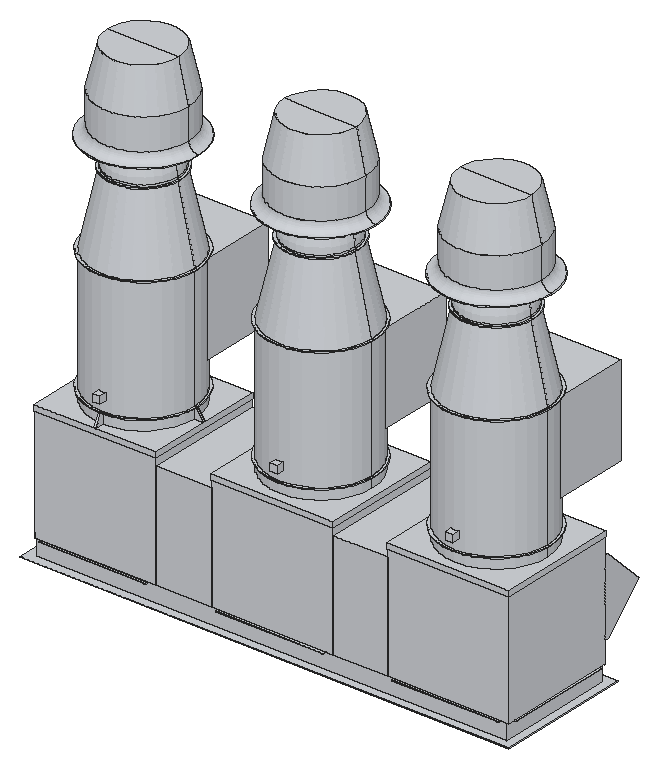
Revit family "QMXVP_with_1X3", category Mechanical Equipment, Revit 2019 (continued)
Types (225): name | UNIT_RADIUS+4" | UNIT_RADIUS*.6 | UNIT_RADIUS | UNIT_RAD+((A/2)+.25")+4" | UNIT_RAD+((A/2)+.25") | UNIT_OD | UNIT_HEIGHT*.75 | UNIT_HEIGHT | TYPE | TRIP_G | TRIP_F | TRIPLE_F+1" | TRANSITION_TOP | RO2/2 | RO/2 | RO | NOZZLE_WB_RAD-2" | NOZZLE_WB_RAD | NOZZLE_WB/4 | NOZZLE_TOP_RAD | NOZZLE_TOP_OD | NOZZLE_SIZE | NOZZLE_HEIGHT/7*2 | NOZZLE_HEIGHT | NOZZLE_BOTTOM_RAD | NOZZLE_WB_OD | NOZZLE_BOTTOM_ID | MB_HT/2 | MB_HT-2.75" | MB_HT+.25" | MB_HT | MB_A | LONG_RO | GA | E | DUAL_G | DUAL_F+1" | DUAL_F | C/2 | C | B/2 | B | A/2 | A+.5 | A | Type Comments | Model | -A | (NOZZLE_WB_OD-NOZZLE_TOP_OD)/2 | (NOZZLE_HEIGHT-(NOZZLE_HEIGHT/8*2))/2 | (A/2)-2" | (A/2)+.25"
  402_QMXVP-24L-1X3_Mixing_Box | 2' - 8 15/32" | 2' - 1.62188" | 2' - 4 15/32" | 5' - 6 7/32" | 5' - 2 7/32" | 4' - 8 15/16" | 4' - 3 3/8" | 5' - 8 1/2" | 0' - 0" | 21' - 8 3/8" | 21' - 10" | 21' - 11" | 9' - 10 3/4" | 2' - 5 23/32" | 2' - 5 23/32" | 4' - 11 7/16" | 2' - 4 1/2" | 2' - 6 1/2" | 1' - 0.2" | 1' - 6 1/4" | 3' - 0 1/2" | 24' - 0" | 1' - 3 1/2" | 5' - 2" | 1' - 5 3/8" | 5' - 1" | 2' - 10 3/4" | 2' - 8 31/32" | 5' - 3 3/16" | 5' - 6 3/16" | 5' - 5 15/16" | 7' - 6" | 21' - 2 1/8" | 0' - 0 27/256" | 5' - 5 3/4" | 13' - 7" | 13' - 9 3/4" | 13' - 8 3/4" | 3' - 8" | 7' - 4" | 7' - 7 1/2" | 15' - 3" | 2' - 9 1/2" | 5' - 7 1/2" | 5' - 7" | "Vari-Plume Laboratory Exhaust Mixed-Flow Inline Belt Drive With 1X3 Mixing Box\r\n" | "QMXVP-1X3_Mixing Box" | -5' - 7" | 0' - 6 1/8" | 1' - 11 1/4" | 2' - 7 1/2" | 2' - 9 3/4"
  402_QMXVP-24H-1X3_Mixing_Box | 2' - 8 15/32" | 2' - 1.62188" | 2' - 4 15/32" | 5' - 6 7/32" | 5' - 2 7/32" | 4' - 8 15/16" | 4' - 3 3/8" | 5' - 8 1/2" | 0' - 0" | 21' - 8 3/8" | 21' - 10" | 21' - 11" | 9' - 10 3/4" | 2' - 5 23/32" | 2' - 5 23/32" | 4' - 11 7/16" | 2' - 4 1/2" | 2' - 6 1/2" | 1' - 0.2" | 1' - 6 1/4" | 3' - 0 1/2" | 24' - 0" | 1' - 3 1/2" | 5' - 2" | 1' - 5 3/8" | 5' - 1" | 2' - 10 3/4" | 2' - 8 31/32" | 5' - 3 3/16" | 5' - 6 3/16" | 5' - 5 15/16" | 7' - 6" | 21' - 2 1/8" | 0' - 0 27/256" | 5' - 5 3/4" | 13' - 7" | 13' - 9 3/4" | 13' - 8 3/4" | 3' - 8" | 7' - 4" | 7' - 7 1/2" | 15' - 3" | 2' - 9 1/2" | 5' - 7 1/2" | 5' - 7" | "Vari-Plume Laboratory Exhaust Mixed-Flow Inline Belt Drive With 1X3 Mixing Box\r\n" | "QMXVP-1X3_Mixing Box" | -5' - 7" | 0' - 6 1/8" | 1' - 11 1/4" | 2' - 7 1/2" | 2' - 9 3/4"
  402_QMXVP-30L-1X3_Mixing_Box | 2' - 8 15/32" | 2' - 1.62188" | 2' - 4 15/32" | 5' - 6 7/32" | 5' - 2 7/32" | 4' - 8 15/16" | 4' - 3 3/8" | 5' - 8 1/2" | 0' - 0" | 21' - 8 3/8" | 21' - 10" | 21' - 11" | 8' - 7 3/4" | 2' - 5 23/32" | 2' - 5 23/32" | 4' - 11 7/16" | 2' - 11" | 3' - 1" | 1' - 2.8" | 1' - 10 3/4" | 3' - 9 1/2" | 30' - 0" | 1' - 7 1/2" | 6' - 6" | 1' - 9 1/4" | 6' - 2" | 3' - 6 1/2" | 2' - 8 31/32" | 5' - 3 3/16" | 5' - 6 3/16" | 5' - 5 15/16" | 7' - 6" | 21' - 2 1/8" | 0' - 0 27/256" | 5' - 5 3/4" | 13' - 7" | 13' - 9 3/4" | 13' - 8 3/4" | 3' - 8" | 7' - 4" | 7' - 7 1/2" | 15' - 3" | 2' - 9 1/2" | 5' - 7 1/2" | 5' - 7" | "Vari-Plume Laboratory Exhaust Mixed-Flow Inline Belt Drive With 1X3 Mixing Box\r\n" | "QMXVP-1X3_Mixing Box" | -5' - 7" | 0' - 7 1/8" | 2' - 5 1/4" | 2' - 7 1/2" | 2' - 9 3/4"
  402_QMXVP-30H-1X3_Mixing_Box | 2' - 8 15/32" | 2' - 1.62188" | 2' - 4 15/32" | 5' - 6 7/32" | 5' - 2 7/32" | 4' - 8 15/16" | 4' - 3 3/8" | 5' - 8 1/2" | 0' - 0" | 21' - 8 3/8" | 21' - 10" | 21' - 11" | 8' - 7 3/4" | 2' - 5 23/32" | 2' - 5 23/32" | 4' - 11 7/16" | 2' - 11" | 3' - 1" | 1' - 2.8" | 1' - 10 3/4" | 3' - 9 1/2" | 30' - 0" | 1' - 7 1/2" | 6' - 6" | 1' - 9 1/4" | 6' - 2" | 3' - 6 1/2" | 2' - 8 31/32" | 5' - 3 3/16" | 5' - 6 3/16" | 5' - 5 15/16" | 7' - 6" | 21' - 2 1/8" | 0' - 0 27/256" | 5' - 5 3/4" | 13' - 7" | 13' - 9 3/4" | 13' - 8 3/4" | 3' - 8" | 7' - 4" | 7' - 7 1/2" | 15' - 3" | 2' - 9 1/2" | 5' - 7 1/2" | 5' - 7" | "Vari-Plume Laboratory Exhaust Mixed-Flow Inline Belt Drive With 1X3 Mixing Box\r\n" | "QMXVP-1X3_Mixing Box" | -5' - 7" | 0' - 7 1/8" | 2' - 5 1/4" | 2' - 7 1/2" | 2' - 9 3/4"
  402_QMXVP-36L-1X3_Mixing_Box | 2' - 8 15/32" | 2' - 1.62188" | 2' - 4 15/32" | 5' - 6 7/32" | 5' - 2 7/32" | 4' - 8 15/16" | 4' - 3 3/8" | 5' - 8 1/2" | 0' - 0" | 21' - 8 3/8" | 21' - 10" | 21' - 11" | 7' - 2 3/4" | 2' - 5 23/32" | 2' - 5 23/32" | 4' - 11 7/16" | 3' - 7" | 3' - 9" | 1' - 6" | 2' - 5" | 4' - 10" | 36' - 0" | 1' - 11 3/4" | 7' - 11" | 2' - 1 7/8" | 7' - 6" | 4' - 3 3/4" | 2' - 8 31/32" | 5' - 3 3/16" | 5' - 6 3/16" | 5' - 5 15/16" | 7' - 6" | 21' - 2 1/8" | 0' - 0 27/256" | 5' - 5 3/4" | 13' - 7" | 13' - 9 3/4" | 13' - 8 3/4" | 3' - 8" | 7' - 4" | 7' - 7 1/2" | 15' - 3" | 2' - 9 1/2" | 5' - 7 1/2" | 5' - 7" | "Vari-Plume Laboratory Exhaust Mixed-Flow Inline Belt Drive With 1X3 Mixing Box\r\n" | "QMXVP-1X3_Mixing Box" | -5' - 7" | 0' - 8" | 2' - 11 5/8" | 2' - 7 1/2" | 2' - 9 3/4"
  402_QMXVP-36H-1X3_Mixing_Box | 2' - 8 15/32" | 2' - 1.62188" | 2' - 4 15/32" | 5' - 6 7/32" | 5' - 2 7/32" | 4' - 8 15/16" | 4' - 3 3/8" | 5' - 8 1/2" | 0' - 0" | 21' - 8 3/8" | 21' - 10" | 21' - 11" | 7' - 2 3/4" | 2' - 5 23/32" | 2' - 5 23/32" | 4' - 11 7/16" | 3' - 7" | 3' - 9" | 1' - 6" | 2' - 5" | 4' - 10" | 36' - 0" | 1' - 11 3/4" | 7' - 11" | 2' - 1 7/8" | 7' - 6" | 4' - 3 3/4" | 2' - 8 31/32" | 5' - 3 3/16" | 5' - 6 3/16" | 5' - 5 15/16" | 7' - 6" | 21' - 2 1/8" | 0' - 0 27/256" | 5' - 5 3/4" | 13' - 7" | 13' - 9 3/4" | 13' - 8 3/4" | 3' - 8" | 7' - 4" | 7' - 7 1/2" | 15' - 3" | 2' - 9 1/2" | 5' - 7 1/2" | 5' - 7" | "Vari-Plume Laboratory Exhaust Mixed-Flow Inline Belt Drive With 1X3 Mixing Box\r\n" | "QMXVP-1X3_Mixing Box" | -5' - 7" | 0' - 8" | 2' - 11 5/8" | 2' - 7 1/2" | 2' - 9 3/4"
  445_QMXVP-30L-1X3_Mixing_Box | 2' - 11 17/32" | 2' - 4.37812" | 2' - 7 17/32" | 6' - 0 25/32" | 5' - 8 25/32" | 5' - 3 1/16" | 4' - 7 1/2" | 6' - 2" | 0' - 0" | 22' - 3 3/8" | 22' - 5" | 22' - 6" | 10' - 1 1/4" | 2' - 9 7/32" | 2' - 9 7/32" | 5' - 6 7/16" | 2' - 11" | 3' - 1" | 1' - 2.8" | 1' - 10 3/4" | 3' - 9 1/2" | 30' - 0" | 1' - 7 1/2" | 6' - 6" | 1' - 9 1/4" | 6' - 2" | 3' - 6 1/2" | 3' - 1 27/32" | 6' - 0 15/16" | 6' - 3 15/16" | 6' - 3 11/16" | 8' - 6" | 21' - 9 1/8" | 0' - 0 27/256" | 6' - 0 5/8" | 14' - 2" | 14' - 4 3/4" | 14' - 3 3/4" | 3' - 11 1/2" | 7' - 11" | 8' - 4 1/2" | 16' - 9" | 3' - 1" | 6' - 2 1/2" | 6' - 2" | "Vari-Plume Laboratory Exhaust Mixed-Flow Inline Belt Drive With 1X3 Mixing Box\r\n" | "QMXVP-1X3_Mixing Box" | -6' - 2" | 0' - 7 1/8" | 2' - 5 1/4" | 2' - 11" | 3' - 1 1/4"
  445_QMXVP-30H-1X3_Mixing_Box | 2' - 11 17/32" | 2' - 4.37812" | 2' - 7 17/32" | 6' - 0 25/32" | 5' - 8 25/32" | 5' - 3 1/16" | 4' - 7 1/2" | 6' - 2" | 0' - 0" | 22' - 3 3/8" | 22' - 5" | 22' - 6" | 10' - 1 1/4" | 2' - 9 7/32" | 2' - 9 7/32" | 5' - 6 7/16" | 2' - 11" | 3' - 1" | 1' - 2.8" | 1' - 10 3/4" | 3' - 9 1/2" | 30' - 0" | 1' - 7 1/2" | 6' - 6" | 1' - 9 1/4" | 6' - 2" | 3' - 6 1/2" | 3' - 1 27/32" | 6' - 0 15/16" | 6' - 3 15/16" | 6' - 3 11/16" | 8' - 6" | 21' - 9 1/8" | 0' - 0 27/256" | 6' - 0 5/8" | 14' - 2" | 14' - 4 3/4" | 14' - 3 3/4" | 3' - 11 1/2" | 7' - 11" | 8' - 4 1/2" | 16' - 9" | 3' - 1" | 6' - 2 1/2" | 6' - 2" | "Vari-Plume Laboratory Exhaust Mixed-Flow Inline Belt Drive With 1X3 Mixing Box\r\n" | "QMXVP-1X3_Mixing Box" | -6' - 2" | 0' - 7 1/8" | 2' - 5 1/4" | 2' - 11" | 3' - 1 1/4"
  445_QMXVP-36L-1X3_Mixing_Box | 2' - 11 17/32" | 2' - 4.37812" | 2' - 7 17/32" | 6' - 0 25/32" | 5' - 8 25/32" | 5' - 3 1/16" | 4' - 7 1/2" | 6' - 2" | 0' - 0" | 22' - 3 3/8" | 22' - 5" | 22' - 6" | 8' - 7 1/4" | 2' - 9 7/32" | 2' - 9 7/32" | 5' - 6 7/16" | 3' - 7" | 3' - 9" | 1' - 6" | 2' - 5" | 4' - 10" | 36' - 0" | 1' - 11 3/4" | 7' - 11" | 2' - 1 7/8" | 7' - 6" | 4' - 3 3/4" | 3' - 1 27/32" | 6' - 0 15/16" | 6' - 3 15/16" | 6' - 3 11/16" | 8' - 6" | 21' - 9 1/8" | 0' - 0 27/256" | 6' - 0 5/8" | 14' - 2" | 14' - 4 3/4" | 14' - 3 3/4" | 3' - 11 1/2" | 7' - 11" | 8' - 4 1/2" | 16' - 9" | 3' - 1" | 6' - 2 1/2" | 6' - 2" | "Vari-Plume Laboratory Exhaust Mixed-Flow Inline Belt Drive With 1X3 Mixing Box\r\n" | "QMXVP-1X3_Mixing Box" | -6' - 2" | 0' - 8" | 2' - 11 5/8" | 2' - 11" | 3' - 1 1/4"
  445_QMXVP-36H-1X3_Mixing_Box | 2' - 11 17/32" | 2' - 4.37812" | 2' - 7 17/32" | 6' - 0 25/32" | 5' - 8 25/32" | 5' - 3 1/16" | 4' - 7 1/2" | 6' - 2" | 0' - 0" | 22' - 3 3/8" | 22' - 5" | 22' - 6" | 8' - 7 1/4" | 2' - 9 7/32" | 2' - 9 7/32" | 5' - 6 7/16" | 3' - 7" | 3' - 9" | 1' - 6" | 2' - 5" | 4' - 10" | 36' - 0" | 1' - 11 3/4" | 7' - 11" | 2' - 1 7/8" | 7' - 6" | 4' - 3 3/4" | 3' - 1 27/32" | 6' - 0 15/16" | 6' - 3 15/16" | 6' - 3 11/16" | 8' - 6" | 21' - 9 1/8" | 0' - 0 27/256" | 6' - 0 5/8" | 14' - 2" | 14' - 4 3/4" | 14' - 3 3/4" | 3' - 11 1/2" | 7' - 11" | 8' - 4 1/2" | 16' - 9" | 3' - 1" | 6' - 2 1/2" | 6' - 2" | "Vari-Plume Laboratory Exhaust Mixed-Flow Inline Belt Drive With 1X3 Mixing Box\r\n" | "QMXVP-1X3_Mixing Box" | -6' - 2" | 0' - 8" | 2' - 11 5/8" | 2' - 11" | 3' - 1 1/4"
  490_QMXVP-30L-1X3_Mixing_Box | 3' - 2 11/16" | 2' - 7 7/32" | 2' - 10 11/16" | 6' - 6 15/16" | 6' - 2 15/16" | 5' - 9 3/8" | 5' - 0 3/8" | 6' - 8 1/2" | 0' - 0" | 25' - 3 1/2" | 25' - 5" | 25' - 6" | 11' - 7 3/4" | 3' - 0 1/8" | 3' - 0 1/8" | 6' - 0 1/4" | 2' - 11" | 3' - 1" | 1' - 2.8" | 1' - 10 3/4" | 3' - 9 1/2" | 30' - 0" | 1' - 7 1/2" | 6' - 6" | 1' - 9 1/4" | 6' - 2" | 3' - 6 1/2" | 3' - 7 15/32" | 7' - 0 3/16" | 7' - 3 3/16" | 7' - 2 15/16" | 9' - 5" | 24' - 9 1/4" | 0' - 0 17/128" | 6' - 6 1/2" | 15' - 11" | 16' - 1 3/4" | 16' - 0 3/4" | 4' - 3 1/2" | 8' - 7" | 9' - 1 1/2" | 18' - 3" | 3' - 4" | 6' - 8 1/2" | 6' - 8" | "Vari-Plume Laboratory Exhaust Mixed-Flow Inline Belt Drive With 1X3 Mixing Box\r\n" | "QMXVP-1X3_Mixing Box" | -6' - 8" | 0' - 7 1/8" | 2' - 5 1/4" | 3' - 2" | 3' - 4 1/4"
  490_QMXVP-30H-1X3_Mixing_Box | 3' - 2 11/16" | 2' - 7 7/32" | 2' - 10 11/16" | 6' - 6 15/16" | 6' - 2 15/16" | 5' - 9 3/8" | 5' - 0 3/8" | 6' - 8 1/2" | 0' - 0" | 25' - 3 1/2" | 25' - 5" | 25' - 6" | 11' - 7 3/4" | 3' - 0 1/8" | 3' - 0 1/8" | 6' - 0 1/4" | 2' - 11" | 3' - 1" | 1' - 2.8" | 1' - 10 3/4" | 3' - 9 1/2" | 30' - 0" | 1' - 7 1/2" | 6' - 6" | 1' - 9 1/4" | 6' - 2" | 3' - 6 1/2" | 3' - 7 15/32" | 7' - 0 3/16" | 7' - 3 3/16" | 7' - 2 15/16" | 9' - 5" | 24' - 9 1/4" | 0' - 0 17/128" | 6' - 6 1/2" | 15' - 11" | 16' - 1 3/4" | 16' - 0 3/4" | 4' - 3 1/2" | 8' - 7" | 9' - 1 1/2" | 18' - 3" | 3' - 4" | 6' - 8 1/2" | 6' - 8" | "Vari-Plume Laboratory Exhaust Mixed-Flow Inline Belt Drive With 1X3 Mixing Box\r\n" | "QMXVP-1X3_Mixing Box" | -6' - 8" | 0' - 7 1/8" | 2' - 5 1/4" | 3' - 2" | 3' - 4 1/4"
  490_QMXVP-36L-1X3_Mixing_Box | 3' - 2 11/16" | 2' - 7 7/32" | 2' - 10 11/16" | 6' - 6 15/16" | 6' - 2 15/16" | 5' - 9 3/8" | 5' - 0 3/8" | 6' - 8 1/2" | 0' - 0" | 25' - 3 1/2" | 25' - 5" | 25' - 6" | 10' - 2 3/4" | 3' - 0 1/8" | 3' - 0 1/8" | 6' - 0 1/4" | 3' - 7" | 3' - 9" | 1' - 6" | 2' - 5" | 4' - 10" | 36' - 0" | 1' - 11 3/4" | 7' - 11" | 2' - 1 7/8" | 7' - 6" | 4' - 3 3/4" | 3' - 7 15/32" | 7' - 0 3/16" | 7' - 3 3/16" | 7' - 2 15/16" | 9' - 5" | 24' - 9 1/4" | 0' - 0 17/128" | 6' - 6 1/2" | 15' - 11" | 16' - 1 3/4" | 16' - 0 3/4" | 4' - 3 1/2" | 8' - 7" | 9' - 1 1/2" | 18' - 3" | 3' - 4" | 6' - 8 1/2" | 6' - 8" | "Vari-Plume Laboratory Exhaust Mixed-Flow Inline Belt Drive With 1X3 Mixing Box\r\n" | "QMXVP-1X3_Mixing Box" | -6' - 8" | 0' - 8" | 2' - 11 5/8" | 3' - 2" | 3' - 4 1/4"
  490_QMXVP-36H-1X3_Mixing_Box | 3' - 2 11/16" | 2' - 7 7/32" | 2' - 10 11/16" | 6' - 6 15/16" | 6' - 2 15/16" | 5' - 9 3/8" | 5' - 0 3/8" | 6' - 8 1/2" | 0' - 0" | 25' - 3 1/2" | 25' - 5" | 25' - 6" | 10' - 2 3/4" | 3' - 0 1/8" | 3' - 0 1/8" | 6' - 0 1/4" | 3' - 7" | 3' - 9" | 1' - 6" | 2' - 5" | 4' - 10" | 36' - 0" | 1' - 11 3/4" | 7' - 11" | 2' - 1 7/8" | 7' - 6" | 4' - 3 3/4" | 3' - 7 15/32" | 7' - 0 3/16" | 7' - 3 3/16" | 7' - 2 15/16" | 9' - 5" | 24' - 9 1/4" | 0' - 0 17/128" | 6' - 6 1/2" | 15' - 11" | 16' - 1 3/4" | 16' - 0 3/4" | 4' - 3 1/2" | 8' - 7" | 9' - 1 1/2" | 18' - 3" | 3' - 4" | 6' - 8 1/2" | 6' - 8" | "Vari-Plume Laboratory Exhaust Mixed-Flow Inline Belt Drive With 1X3 Mixing Box\r\n" | "QMXVP-1X3_Mixing Box" | -6' - 8" | 0' - 8" | 2' - 11 5/8" | 3' - 2" | 3' - 4 1/4"
  540_QMXVP-36L-1X3_Mixing_Box | 3' - 6 7/32" | 2' - 10.39687" | 3' - 2 7/32" | 7' - 3 15/32" | 6' - 11 15/32" | 6' - 4 7/16" | 5' - 5 1/4" | 7' - 3" | 0' - 0" | 26' - 4 3/8" | 26' - 6" | 26' - 7" | 11' - 10 1/4" | 3' - 4 9/16" | 3' - 3 9/16" | 6' - 7 1/8" | 3' - 7" | 3' - 9" | 1' - 6" | 2' - 5" | 4' - 10" | 36' - 0" | 1' - 11 3/4" | 7' - 11" | 2' - 1 7/8" | 7' - 6" | 4' - 3 3/4" | 4' - 1 27/32" | 8' - 0 15/16" | 8' - 3 15/16" | 8' - 3 11/16" | 10' - 6" | 25' - 10 1/8" | 0' - 0 17/128" | 7' - 1 3/8" | 16' - 8 7/8" | 17' - 1 1/4" | 17' - 0 1/4" | 4' - 7 1/2" | 9' - 3" | 9' - 11 1/2" | 19' - 11" | 3' - 9" | 7' - 6 1/2" | 7' - 6" | "Vari-Plume Laboratory Exhaust Mixed-Flow Inline Belt Drive With 1X3 Mixing Box\r\n" | "QMXVP-1X3_Mixing Box" | -7' - 6" | 0' - 8" | 2' - 11 5/8" | 3' - 7" | 3' - 9 1/4"
  540_QMXVP-36H-1X3_Mixing_Box | 3' - 6 7/32" | 2' - 10.39687" | 3' - 2 7/32" | 7' - 3 15/32" | 6' - 11 15/32" | 6' - 4 7/16" | 5' - 5 1/4" | 7' - 3" | 0' - 0" | 26' - 4 3/8" | 26' - 6" | 26' - 7" | 11' - 10 1/4" | 3' - 4 9/16" | 3' - 3 9/16" | 6' - 7 1/8" | 3' - 7" | 3' - 9" | 1' - 6" | 2' - 5" | 4' - 10" | 36' - 0" | 1' - 11 3/4" | 7' - 11" | 2' - 1 7/8" | 7' - 6" | 4' - 3 3/4" | 4' - 1 27/32" | 8' - 0 15/16" | 8' - 3 15/16" | 8' - 3 11/16" | 10' - 6" | 25' - 10 1/8" | 0' - 0 17/128" | 7' - 1 3/8" | 16' - 8 7/8" | 17' - 1 1/4" | 17' - 0 1/4" | 4' - 7 1/2" | 9' - 3" | 9' - 11 1/2" | 19' - 11" | 3' - 9" | 7' - 6 1/2" | 7' - 6" | "Vari-Plume Laboratory Exhaust Mixed-Flow Inline Belt Drive With 1X3 Mixing Box\r\n" | "QMXVP-1X3_Mixing Box" | -7' - 6" | 0' - 8" | 2' - 11 5/8" | 3' - 7" | 3' - 9 1/4"
  540_QMXVP-49L-1X3_Mixing_Box | 3' - 6 7/32" | 2' - 10.39687" | 3' - 2 7/32" | 7' - 3 15/32" | 6' - 11 15/32" | 6' - 4 7/16" | 5' - 5 1/4" | 7' - 3" | 0' - 0" | 26' - 4 3/8" | 26' - 6" | 26' - 7" | 10' - 1 1/4" | 3' - 4 9/16" | 3' - 3 9/16" | 6' - 7 1/8" | 4' - 0 1/2" | 4' - 2 1/2" | 1' - 8.2" | 3' - 2" | 6' - 4" | 49' - 0" | 2' - 3 1/2" | 9' - 2" | 2' - 10 11/16" | 8' - 5" | 5' - 9 3/8" | 4' - 1 27/32" | 8' - 0 15/16" | 8' - 3 15/16" | 8' - 3 11/16" | 10' - 6" | 25' - 10 1/8" | 0' - 0 17/128" | 7' - 1 3/8" | 16' - 8 7/8" | 17' - 1 1/4" | 17' - 0 1/4" | 4' - 7 1/2" | 9' - 3" | 9' - 11 1/2" | 19' - 11" | 3' - 9" | 7' - 6 1/2" | 7' - 6" | "Vari-Plume Laboratory Exhaust Mixed-Flow Inline Belt Drive With 1X3 Mixing Box\r\n" | "QMXVP-1X3_Mixing Box" | -7' - 6" | 0' - 6 1/4" | 3' - 5 1/4" | 3' - 7" | 3' - 9 1/4"
  540_QMXVP-49H-1X3_Mixing_Box | 3' - 6 7/32" | 2' - 10.39687" | 3' - 2 7/32" | 7' - 3 15/32" | 6' - 11 15/32" | 6' - 4 7/16" | 5' - 5 1/4" | 7' - 3" | 0' - 0" | 26' - 4 3/8" | 26' - 6" | 26' - 7" | 10' - 1 1/4" | 3' - 4 9/16" | 3' - 3 9/16" | 6' - 7 1/8" | 4' - 0 1/2" | 4' - 2 1/2" | 1' - 8.2" | 3' - 2" | 6' - 4" | 49' - 0" | 2' - 3 1/2" | 9' - 2" | 2' - 10 11/16" | 8' - 5" | 5' - 9 3/8" | 4' - 1 27/32" | 8' - 0 15/16" | 8' - 3 15/16" | 8' - 3 11/16" | 10' - 6" | 25' - 10 1/8" | 0' - 0 17/128" | 7' - 1 3/8" | 16' - 8 7/8" | 17' - 1 1/4" | 17' - 0 1/4" | 4' - 7 1/2" | 9' - 3" | 9' - 11 1/2" | 19' - 11" | 3' - 9" | 7' - 6 1/2" | 7' - 6" | "Vari-Plume Laboratory Exhaust Mixed-Flow Inline Belt Drive With 1X3 Mixing Box\r\n" | "QMXVP-1X3_Mixing Box" | -7' - 6" | 0' - 6 1/4" | 3' - 5 1/4" | 3' - 7" | 3' - 9 1/4"
  600_QMXVP-36L-1X3_Mixing_Box | 3' - 10 7/16" | 3' - 2.19375" | 3' - 6 7/16" | 8' - 1 3/16" | 7' - 9 3/16" | 7' - 0 7/8" | 5' - 11 5/8" | 7' - 11 1/2" | 0' - 0" | 27' - 5 3/8" | 27' - 7" | 27' - 8" | 14' - 2 3/4" | 3' - 10 1/2" | 3' - 8 1/32" | 7' - 4 1/16" | 3' - 7" | 3' - 9" | 1' - 6" | 2' - 5" | 4' - 10" | 36' - 0" | 1' - 11 3/4" | 7' - 11" | 2' - 1 7/8" | 7' - 6" | 4' - 3 3/4" | 4' - 10 19/32" | 9' - 6 7/16" | 9' - 9 7/16" | 9' - 9 3/16" | 12' - 0" | 26' - 11 1/8" | 0' - 0 23/128" | 7' - 10 3/8" | 17' - 7 7/8" | 18' - 1 1/4" | 18' - 0 1/4" | 5' - 1" | 10' - 2" | 10' - 11 1/2" | 21' - 11" | 4' - 2 1/2" | 8' - 5 1/2" | 8' - 5" | "Vari-Plume Laboratory Exhaust Mixed-Flow Inline Belt Drive With 1X3 Mixing Box\r\n" | "QMXVP-1X3_Mixing Box" | -8' - 5" | 0' - 8" | 2' - 11 5/8" | 4' - 0 1/2" | 4' - 2 3/4"
  600_QMXVP-36H-1X3_Mixing_Box | 3' - 10 7/16" | 3' - 2.19375" | 3' - 6 7/16" | 8' - 1 3/16" | 7' - 9 3/16" | 7' - 0 7/8" | 5' - 11 5/8" | 7' - 11 1/2" | 0' - 0" | 27' - 5 3/8" | 27' - 7" | 27' - 8" | 14' - 2 3/4" | 3' - 10 1/2" | 3' - 8 1/32" | 7' - 4 1/16" | 3' - 7" | 3' - 9" | 1' - 6" | 2' - 5" | 4' - 10" | 36' - 0" | 1' - 11 3/4" | 7' - 11" | 2' - 1 7/8" | 7' - 6" | 4' - 3 3/4" | 4' - 10 19/32" | 9' - 6 7/16" | 9' - 9 7/16" | 9' - 9 3/16" | 12' - 0" | 26' - 11 1/8" | 0' - 0 23/128" | 7' - 10 3/8" | 17' - 7 7/8" | 18' - 1 1/4" | 18' - 0 1/4" | 5' - 1" | 10' - 2" | 10' - 11 1/2" | 21' - 11" | 4' - 2 1/2" | 8' - 5 1/2" | 8' - 5" | "Vari-Plume Laboratory Exhaust Mixed-Flow Inline Belt Drive With 1X3 Mixing Box\r\n" | "QMXVP-1X3_Mixing Box" | -8' - 5" | 0' - 8" | 2' - 11 5/8" | 4' - 0 1/2" | 4' - 2 3/4"
  600_QMXVP-49L-1X3_Mixing_Box | 3' - 10 7/16" | 3' - 2.19375" | 3' - 6 7/16" | 8' - 1 3/16" | 7' - 9 3/16" | 7' - 0 7/8" | 5' - 11 5/8" | 7' - 11 1/2" | 0' - 0" | 27' - 5 3/8" | 27' - 7" | 27' - 8" | 12' - 4 3/4" | 3' - 10 1/2" | 3' - 8 1/32" | 7' - 4 1/16" | 4' - 0 1/2" | 4' - 2 1/2" | 1' - 8.2" | 3' - 2" | 6' - 4" | 49' - 0" | 2' - 3 1/2" | 9' - 2" | 2' - 10 11/16" | 8' - 5" | 5' - 9 3/8" | 4' - 10 19/32" | 9' - 6 7/16" | 9' - 9 7/16" | 9' - 9 3/16" | 12' - 0" | 26' - 11 1/8" | 0' - 0 23/128" | 7' - 10 3/8" | 17' - 7 7/8" | 18' - 1 1/4" | 18' - 0 1/4" | 5' - 1" | 10' - 2" | 10' - 11 1/2" | 21' - 11" | 4' - 2 1/2" | 8' - 5 1/2" | 8' - 5" | "Vari-Plume Laboratory Exhaust Mixed-Flow Inline Belt Drive With 1X3 Mixing Box\r\n" | "QMXVP-1X3_Mixing Box" | -8' - 5" | 0' - 6 1/4" | 3' - 5 1/4" | 4' - 0 1/2" | 4' - 2 3/4"
  600_QMXVP-49H-1X3_Mixing_Box | 3' - 10 7/16" | 3' - 2.19375" | 3' - 6 7/16" | 8' - 1 3/16" | 7' - 9 3/16" | 7' - 0 7/8" | 5' - 11 5/8" | 7' - 11 1/2" | 0' - 0" | 27' - 5 3/8" | 27' - 7" | 27' - 8" | 12' - 4 3/4" | 3' - 10 1/2" | 3' - 8 1/32" | 7' - 4 1/16" | 4' - 0 1/2" | 4' - 2 1/2" | 1' - 8.2" | 3' - 2" | 6' - 4" | 49' - 0" | 2' - 3 1/2" | 9' - 2" | 2' - 10 11/16" | 8' - 5" | 5' - 9 3/8" | 4' - 10 19/32" | 9' - 6 7/16" | 9' - 9 7/16" | 9' - 9 3/16" | 12' - 0" | 26' - 11 1/8" | 0' - 0 23/128" | 7' - 10 3/8" | 17' - 7 7/8" | 18' - 1 1/4" | 18' - 0 1/4" | 5' - 1" | 10' - 2" | 10' - 11 1/2" | 21' - 11" | 4' - 2 1/2" | 8' - 5 1/2" | 8' - 5" | "Vari-Plume Laboratory Exhaust Mixed-Flow Inline Belt Drive With 1X3 Mixing Box\r\n" | "QMXVP-1X3_Mixing Box" | -8' - 5" | 0' - 6 1/4" | 3' - 5 1/4" | 4' - 0 1/2" | 4' - 2 3/4"
  120_QMXHPVP-12H-1X3_Mixing_Box | 1' - 0 17/32" | 0' - 7.67813" | 0' - 8 17/32" | 2' - 2 25/32" | 1' - 10 25/32" | 1' - 5 1/16" | 1' - 2 29/32" | 1' - 7 7/8" | 1' - 0" | 8' - 3 1/2" | 8' - 4" | 8' - 5" | 3' - 3 7/16" | 0' - 10 1/2" | 0' - 10 1/2" | 1' - 9" | 1' - 0" | 1' - 2" | 0' - 5.6" | 0' - 9 3/4" | 1' - 7 1/2" | 12' - 0" | 0' - 8" | 2' - 8" | 0' - 8 17/32" | 2' - 4" | 1' - 5 1/16" | 1' - 3 23/32" | 2' - 4 11/16" | 2' - 7 11/16" | 2' - 7 7/16" | 2' - 11" | 7' - 9 1/4" | 0' - 0 27/256" | 2' - 3 3/16" | 5' - 3 5/16" | 5' - 5 1/4" | 5' - 4 1/4" | 1' - 6 1/2" | 3' - 1" | 2' - 11 1/2" | 5' - 11" | 1' - 2" | 2' - 4 1/2" | 2' - 4" | "Vari-Plume Laboratory Exhaust Mixed-Flow High Pressure Inline Belt Drive With 1X3 Mixing Box\r\n" | "QMXHPVP-1X3_Mixing Box" | -2' - 4" | 0' - 2 1/8" | 1' - 0" | 1' - 0" | 1' - 2 1/4"
  120_QMXHPVP-12L-1X3_Mixing_Box | 1' - 0 17/32" | 0' - 7.67813" | 0' - 8 17/32" | 2' - 2 25/32" | 1' - 10 25/32" | 1' - 5 1/16" | 1' - 2 29/32" | 1' - 7 7/8" | 1' - 0" | 8' - 3 1/2" | 8' - 4" | 8' - 5" | 3' - 3 7/16" | 0' - 10 1/2" | 0' - 10 1/2" | 1' - 9" | 1' - 0" | 1' - 2" | 0' - 5.6" | 0' - 9 3/4" | 1' - 7 1/2" | 12' - 0" | 0' - 8" | 2' - 8" | 0' - 8 17/32" | 2' - 4" | 1' - 5 1/16" | 1' - 3 23/32" | 2' - 4 11/16" | 2' - 7 11/16" | 2' - 7 7/16" | 2' - 11" | 7' - 9 1/4" | 0' - 0 27/256" | 2' - 3 3/16" | 5' - 3 5/16" | 5' - 5 1/4" | 5' - 4 1/4" | 1' - 6 1/2" | 3' - 1" | 2' - 11 1/2" | 5' - 11" | 1' - 2" | 2' - 4 1/2" | 2' - 4" | "Vari-Plume Laboratory Exhaust Mixed-Flow High Pressure Inline Belt Drive With 1X3 Mixing Box\r\n" | "QMXHPVP-1X3_Mixing Box" | -2' - 4" | 0' - 2 1/8" | 1' - 0" | 1' - 0" | 1' - 2 1/4"
  120_QMXHPVP-9H-1X3_Mixing_Box | 1' - 0 17/32" | 0' - 7.67813" | 0' - 8 17/32" | 2' - 2 25/32" | 1' - 10 25/32" | 1' - 5 1/16" | 1' - 2 29/32" | 1' - 7 7/8" | 1' - 0" | 8' - 3 1/2" | 8' - 4" | 8' - 5" | 3' - 7 3/16" | 0' - 10 1/2" | 0' - 10 1/2" | 1' - 9" | 0' - 9 1/2" | 0' - 11 1/2" | 0' - 4.6" | 0' - 6 3/4" | 1' - 1 1/2" | 9' - 0" | 0' - 7" | 2' - 4" | 0' - 6 13/32" | 1' - 11" | 1' - 0 13/16" | 1' - 3 23/32" | 2' - 4 11/16" | 2' - 7 11/16" | 2' - 7 7/16" | 2' - 11" | 7' - 9 1/4" | 0' - 0 27/256" | 2' - 3 3/16" | 5' - 3 5/16" | 5' - 5 1/4" | 5' - 4 1/4" | 1' - 6 1/2" | 3' - 1" | 2' - 11 1/2" | 5' - 11" | 1' - 2" | 2' - 4 1/2" | 2' - 4" | "Vari-Plume Laboratory Exhaust Mixed-Flow High Pressure Inline Belt Drive With 1X3 Mixing Box\r\n" | "QMXHPVP-1X3_Mixing Box" | -2' - 4" | 0' - 2 3/8" | 0' - 10 1/2" | 1' - 0" | 1' - 2 1/4"
  120_QMXHPVP-9L-1X3_Mixing_Box | 1' - 0 17/32" | 0' - 7.67813" | 0' - 8 17/32" | 2' - 2 25/32" | 1' - 10 25/32" | 1' - 5 1/16" | 1' - 2 29/32" | 1' - 7 7/8" | 1' - 0" | 8' - 3 1/2" | 8' - 4" | 8' - 5" | 3' - 7 3/16" | 0' - 10 1/2" | 0' - 10 1/2" | 1' - 9" | 0' - 9 1/2" | 0' - 11 1/2" | 0' - 4.6" | 0' - 6 3/4" | 1' - 1 1/2" | 9' - 0" | 0' - 7" | 2' - 4" | 0' - 6 13/32" | 1' - 11" | 1' - 0 13/16" | 1' - 3 23/32" | 2' - 4 11/16" | 2' - 7 11/16" | 2' - 7 7/16" | 2' - 11" | 7' - 9 1/4" | 0' - 0 27/256" | 2' - 3 3/16" | 5' - 3 5/16" | 5' - 5 1/4" | 5' - 4 1/4" | 1' - 6 1/2" | 3' - 1" | 2' - 11 1/2" | 5' - 11" | 1' - 2" | 2' - 4 1/2" | 2' - 4" | "Vari-Plume Laboratory Exhaust Mixed-Flow High Pressure Inline Belt Drive With 1X3 Mixing Box\r\n" | "QMXHPVP-1X3_Mixing Box" | -2' - 4" | 0' - 2 3/8" | 0' - 10 1/2" | 1' - 0" | 1' - 2 1/4"
  135_QMXHPVP-12H-1X3_Mixing_Box | 1' - 1 5/8" | 0' - 8.6625" | 0' - 9 5/8" | 2' - 3 7/8" | 1' - 11 7/8" | 1' - 7 1/4" | 1' - 8 1/4" | 2' - 3" | 1' - 0" | 8' - 3 1/2" | 8' - 4" | 8' - 5" | 3' - 4 11/16" | 0' - 10 15/32" | 0' - 10 15/32" | 1' - 8 15/16" | 1' - 0" | 1' - 2" | 0' - 5.6" | 0' - 9 3/4" | 1' - 7 1/2" | 12' - 0" | 0' - 8" | 2' - 8" | 0' - 8 17/32" | 2' - 4" | 1' - 5 1/16" | 1' - 4 23/32" | 2' - 6 11/16" | 2' - 9 11/16" | 2' - 9 7/16" | 3' - 0" | 7' - 9 1/4" | 0' - 0 27/256" | 2' - 3 1/8" | 5' - 3 5/16" | 5' - 5 1/4" | 5' - 4 1/4" | 1' - 7 1/2" | 3' - 3" | 3' - 2 1/2" | 6' - 5" | 1' - 2" | 2' - 4 1/2" | 2' - 4" | "Vari-Plume Laboratory Exhaust Mixed-Flow High Pressure Inline Belt Drive With 1X3 Mixing Box\r\n" | "QMXHPVP-1X3_Mixing Box" | -2' - 4" | 0' - 2 1/8" | 1' - 0" | 1' - 0" | 1' - 2 1/4"
  135_QMXHPVP-12L-1X3_Mixing_Box | 1' - 1 5/8" | 0' - 8.6625" | 0' - 9 5/8" | 2' - 3 7/8" | 1' - 11 7/8" | 1' - 7 1/4" | 1' - 8 1/4" | 2' - 3" | 1' - 0" | 8' - 3 1/2" | 8' - 4" | 8' - 5" | 3' - 4 11/16" | 0' - 10 15/32" | 0' - 10 15/32" | 1' - 8 15/16" | 1' - 0" | 1' - 2" | 0' - 5.6" | 0' - 9 3/4" | 1' - 7 1/2" | 12' - 0" | 0' - 8" | 2' - 8" | 0' - 8 17/32" | 2' - 4" | 1' - 5 1/16" | 1' - 4 23/32" | 2' - 6 11/16" | 2' - 9 11/16" | 2' - 9 7/16" | 3' - 0" | 7' - 9 1/4" | 0' - 0 27/256" | 2' - 3 1/8" | 5' - 3 5/16" | 5' - 5 1/4" | 5' - 4 1/4" | 1' - 7 1/2" | 3' - 3" | 3' - 2 1/2" | 6' - 5" | 1' - 2" | 2' - 4 1/2" | 2' - 4" | "Vari-Plume Laboratory Exhaust Mixed-Flow High Pressure Inline Belt Drive With 1X3 Mixing Box\r\n" | "QMXHPVP-1X3_Mixing Box" | -2' - 4" | 0' - 2 1/8" | 1' - 0" | 1' - 0" | 1' - 2 1/4"
  135_QMXHPVP-9H-1X3_Mixing_Box | 1' - 1 5/8" | 0' - 8.6625" | 0' - 9 5/8" | 2' - 3 7/8" | 1' - 11 7/8" | 1' - 7 1/4" | 1' - 8 1/4" | 2' - 3" | 1' - 0" | 8' - 3 1/2" | 8' - 4" | 8' - 5" | 4' - 0 11/16" | 0' - 10 15/32" | 0' - 10 15/32" | 1' - 8 15/16" | 0' - 9 1/2" | 0' - 11 1/2" | 0' - 4.6" | 0' - 6 3/4" | 1' - 1 1/2" | 9' - 0" | 0' - 7" | 2' - 4" | 0' - 6 13/32" | 1' - 11" | 1' - 0 13/16" | 1' - 4 23/32" | 2' - 6 11/16" | 2' - 9 11/16" | 2' - 9 7/16" | 3' - 0" | 7' - 9 1/4" | 0' - 0 27/256" | 2' - 3 1/8" | 5' - 3 5/16" | 5' - 5 1/4" | 5' - 4 1/4" | 1' - 7 1/2" | 3' - 3" | 3' - 2 1/2" | 6' - 5" | 1' - 2" | 2' - 4 1/2" | 2' - 4" | "Vari-Plume Laboratory Exhaust Mixed-Flow High Pressure Inline Belt Drive With 1X3 Mixing Box\r\n" | "QMXHPVP-1X3_Mixing Box" | -2' - 4" | 0' - 2 3/8" | 0' - 10 1/2" | 1' - 0" | 1' - 2 1/4"
  135_QMXHPVP-9L-1X3_Mixing_Box | 1' - 1 5/8" | 0' - 8.6625" | 0' - 9 5/8" | 2' - 3 7/8" | 1' - 11 7/8" | 1' - 7 1/4" | 1' - 8 1/4" | 2' - 3" | 1' - 0" | 8' - 3 1/2" | 8' - 4" | 8' - 5" | 4' - 0 11/16" | 0' - 10 15/32" | 0' - 10 15/32" | 1' - 8 15/16" | 0' - 9 1/2" | 0' - 11 1/2" | 0' - 4.6" | 0' - 6 3/4" | 1' - 1 1/2" | 9' - 0" | 0' - 7" | 2' - 4" | 0' - 6 13/32" | 1' - 11" | 1' - 0 13/16" | 1' - 4 23/32" | 2' - 6 11/16" | 2' - 9 11/16" | 2' - 9 7/16" | 3' - 0" | 7' - 9 1/4" | 0' - 0 27/256" | 2' - 3 1/8" | 5' - 3 5/16" | 5' - 5 1/4" | 5' - 4 1/4" | 1' - 7 1/2" | 3' - 3" | 3' - 2 1/2" | 6' - 5" | 1' - 2" | 2' - 4 1/2" | 2' - 4" | "Vari-Plume Laboratory Exhaust Mixed-Flow High Pressure Inline Belt Drive With 1X3 Mixing Box\r\n" | "QMXHPVP-1X3_Mixing Box" | -2' - 4" | 0' - 2 3/8" | 0' - 10 1/2" | 1' - 0" | 1' - 2 1/4"
  150_QMXHPVP-12H-1X3_Mixing_Box | 1' - 2 11/16" | 0' - 9.61875" | 0' - 10 11/16" | 2' - 5 15/16" | 2' - 1 15/16" | 1' - 9 3/8" | 1' - 10 1/2" | 2' - 6" | 1' - 0" | 8' - 9 1/2" | 8' - 10" | 8' - 11" | 3' - 10 1/4" | 0' - 11 15/32" | 0' - 11 15/32" | 1' - 10 15/16" | 1' - 0" | 1' - 2" | 0' - 5.6" | 0' - 9 3/4" | 1' - 7 1/2" | 12' - 0" | 0' - 8" | 2' - 8" | 0' - 8 17/32" | 2' - 4" | 1' - 5 1/16" | 1' - 5 19/32" | 2' - 8 7/16" | 2' - 11 7/16" | 2' - 11 3/16" | 3' - 2" | 8' - 3 1/4" | 0' - 0 27/256" | 2' - 5 1/8" | 5' - 7 5/16" | 5' - 9 1/4" | 5' - 8 1/4" | 1' - 9" | 3' - 6" | 3' - 7 1/2" | 7' - 3" | 1' - 3" | 2' - 6 1/2" | 2' - 6" | "Vari-Plume Laboratory Exhaust Mixed-Flow High Pressure Inline Belt Drive With 1X3 Mixing Box\r\n" | "QMXHPVP-1X3_Mixing Box" | -2' - 6" | 0' - 2 1/8" | 1' - 0" | 1' - 1" | 1' - 3 1/4"
  150_QMXHPVP-12L-1X3_Mixing_Box | 1' - 2 11/16" | 0' - 9.61875" | 0' - 10 11/16" | 2' - 5 15/16" | 2' - 1 15/16" | 1' - 9 3/8" | 1' - 10 1/2" | 2' - 6" | 1' - 0" | 8' - 9 1/2" | 8' - 10" | 8' - 11" | 3' - 10 1/4" | 0' - 11 15/32" | 0' - 11 15/32" | 1' - 10 15/16" | 1' - 0" | 1' - 2" | 0' - 5.6" | 0' - 9 3/4" | 1' - 7 1/2" | 12' - 0" | 0' - 8" | 2' - 8" | 0' - 8 17/32" | 2' - 4" | 1' - 5 1/16" | 1' - 5 19/32" | 2' - 8 7/16" | 2' - 11 7/16" | 2' - 11 3/16" | 3' - 2" | 8' - 3 1/4" | 0' - 0 27/256" | 2' - 5 1/8" | 5' - 7 5/16" | 5' - 9 1/4" | 5' - 8 1/4" | 1' - 9" | 3' - 6" | 3' - 7 1/2" | 7' - 3" | 1' - 3" | 2' - 6 1/2" | 2' - 6" | "Vari-Plume Laboratory Exhaust Mixed-Flow High Pressure Inline Belt Drive With 1X3 Mixing Box\r\n" | "QMXHPVP-1X3_Mixing Box" | -2' - 6" | 0' - 2 1/8" | 1' - 0" | 1' - 1" | 1' - 3 1/4"
  150_QMXHPVP-15H-1X3_Mixing_Box | 1' - 2 11/16" | 0' - 9.61875" | 0' - 10 11/16" | 2' - 5 15/16" | 2' - 1 15/16" | 1' - 9 3/8" | 1' - 10 1/2" | 2' - 6" | 1' - 0" | 8' - 9 1/2" | 8' - 10" | 8' - 11" | 3' - 7 5/16" | 0' - 11 15/32" | 0' - 11 15/32" | 1' - 10 15/16" | 1' - 4" | 1' - 6" | 0' - 7.2" | 0' - 11 1/2" | 1' - 11" | 15' - 0" | 0' - 10 3/4" | 3' - 7" | 0' - 10 11/16" | 3' - 0" | 1' - 9 3/8" | 1' - 5 19/32" | 2' - 8 7/16" | 2' - 11 7/16" | 2' - 11 3/16" | 3' - 2" | 8' - 3 1/4" | 0' - 0 27/256" | 2' - 5 1/8" | 5' - 7 5/16" | 5' - 9 1/4" | 5' - 8 1/4" | 1' - 9" | 3' - 6" | 3' - 7 1/2" | 7' - 3" | 1' - 3" | 2' - 6 1/2" | 2' - 6" | "Vari-Plume Laboratory Exhaust Mixed-Flow High Pressure Inline Belt Drive With 1X3 Mixing Box\r\n" | "QMXHPVP-1X3_Mixing Box" | -2' - 6" | 0' - 3 1/4" | 1' - 4 1/8" | 1' - 1" | 1' - 3 1/4"
  150_QMXHPVP-15L-1X3_Mixing_Box | 1' - 2 11/16" | 0' - 9.61875" | 0' - 10 11/16" | 2' - 5 15/16" | 2' - 1 15/16" | 1' - 9 3/8" | 1' - 10 1/2" | 2' - 6" | 1' - 0" | 8' - 9 1/2" | 8' - 10" | 8' - 11" | 3' - 7 5/16" | 0' - 11 15/32" | 0' - 11 15/32" | 1' - 10 15/16" | 1' - 4" | 1' - 6" | 0' - 7.2" | 0' - 11 1/2" | 1' - 11" | 15' - 0" | 0' - 10 3/4" | 3' - 7" | 0' - 10 11/16" | 3' - 0" | 1' - 9 3/8" | 1' - 5 19/32" | 2' - 8 7/16" | 2' - 11 7/16" | 2' - 11 3/16" | 3' - 2" | 99' - 3" | 0' - 0 27/256" | 2' - 5 1/8" | 5' - 7 5/16" | 5' - 9 1/4" | 5' - 8 1/4" | 1' - 9" | 3' - 6" | 3' - 7 1/2" | 7' - 3" | 1' - 3" | 2' - 6 1/2" | 2' - 6" | "Vari-Plume Laboratory Exhaust Mixed-Flow High Pressure Inline Belt Drive With 1X3 Mixing Box\r\n" | "QMXHPVP-1X3_Mixing Box" | -2' - 6" | 0' - 3 1/4" | 1' - 4 1/8" | 1' - 1" | 1' - 3 1/4"
  150_QMXHPVP-9H-1X3_Mixing_Box | 1' - 2 11/16" | 0' - 9.61875" | 0' - 10 11/16" | 2' - 5 15/16" | 2' - 1 15/16" | 1' - 9 3/8" | 1' - 10 1/2" | 2' - 6" | 1' - 0" | 8' - 9 1/2" | 8' - 10" | 8' - 11" | 4' - 6 1/4" | 0' - 11 15/32" | 0' - 11 15/32" | 1' - 10 15/16" | 0' - 9 1/2" | 0' - 11 1/2" | 0' - 4.6" | 0' - 6 3/4" | 1' - 1 1/2" | 9' - 0" | 0' - 7" | 2' - 4" | 0' - 6 13/32" | 1' - 11" | 1' - 0 13/16" | 1' - 5 19/32" | 2' - 8 7/16" | 2' - 11 7/16" | 2' - 11 3/16" | 3' - 2" | 8' - 3 1/4" | 0' - 0 27/256" | 2' - 5 1/8" | 5' - 7 5/16" | 5' - 9 1/4" | 5' - 8 1/4" | 1' - 9" | 3' - 6" | 3' - 7 1/2" | 7' - 3" | 1' - 3" | 2' - 6 1/2" | 2' - 6" | "Vari-Plume Laboratory Exhaust Mixed-Flow High Pressure Inline Belt Drive With 1X3 Mixing Box\r\n" | "QMXHPVP-1X3_Mixing Box" | -2' - 6" | 0' - 2 3/8" | 0' - 10 1/2" | 1' - 1" | 1' - 3 1/4"
  150_QMXHPVP-9L-1X3_Mixing_Box | 1' - 2 11/16" | 0' - 9.61875" | 0' - 10 11/16" | 2' - 5 15/16" | 2' - 1 15/16" | 1' - 9 3/8" | 1' - 10 1/2" | 2' - 6" | 1' - 0" | 8' - 9 1/2" | 8' - 10" | 8' - 11" | 4' - 6 1/4" | 0' - 11 15/32" | 0' - 11 15/32" | 1' - 10 15/16" | 0' - 9 1/2" | 0' - 11 1/2" | 0' - 4.6" | 0' - 6 3/4" | 1' - 1 1/2" | 9' - 0" | 0' - 7" | 2' - 4" | 0' - 6 13/32" | 1' - 11" | 1' - 0 13/16" | 1' - 5 19/32" | 2' - 8 7/16" | 2' - 11 7/16" | 2' - 11 3/16" | 3' - 2" | 8' - 3 1/4" | 0' - 0 27/256" | 2' - 5 1/8" | 5' - 7 5/16" | 5' - 9 1/4" | 5' - 8 1/4" | 1' - 9" | 3' - 6" | 3' - 7 1/2" | 7' - 3" | 1' - 3" | 2' - 6 1/2" | 2' - 6" | "Vari-Plume Laboratory Exhaust Mixed-Flow High Pressure Inline Belt Drive With 1X3 Mixing Box\r\n" | "QMXHPVP-1X3_Mixing Box" | -2' - 6" | 0' - 2 3/8" | 0' - 10 1/2" | 1' - 1" | 1' - 3 1/4"
  165_QMXHPVP-12H-1X3_Mixing_Box | 1' - 3 3/4" | 0' - 10.575" | 0' - 11 3/4" | 2' - 8" | 2' - 4" | 1' - 11 1/2" | 2' - 0 3/4" | 2' - 9" | 1' - 0" | 9' - 3 1/2" | 9' - 4" | 9' - 5" | 4' - 5 1/4" | 1' - 0 15/32" | 1' - 0 15/32" | 2' - 0 15/16" | 1' - 0" | 1' - 2" | 0' - 5.6" | 0' - 9 3/4" | 1' - 7 1/2" | 12' - 0" | 0' - 8" | 2' - 8" | 0' - 8 17/32" | 2' - 4" | 1' - 5 1/16" | 1' - 6 15/32" | 2' - 10 3/16" | 3' - 1 3/16" | 3' - 0 15/16" | 3' - 5" | 8' - 9 1/4" | 0' - 0 27/256" | 2' - 7 1/8" | 5' - 11 5/16" | 6' - 1 1/4" | 6' - 0 1/4" | 1' - 10" | 3' - 8" | 3' - 8 1/2" | 7' - 5" | 1' - 4" | 2' - 8 1/2" | 2' - 8" | "Vari-Plume Laboratory Exhaust Mixed-Flow High Pressure Inline Belt Drive With 1X3 Mixing Box\r\n" | "QMXHPVP-1X3_Mixing Box" | -2' - 8" | 0' - 2 1/8" | 1' - 0" | 1' - 2" | 1' - 4 1/4"
  165_QMXHPVP-12L-1X3_Mixing_Box | 1' - 3 3/4" | 0' - 10.575" | 0' - 11 3/4" | 2' - 8" | 2' - 4" | 1' - 11 1/2" | 2' - 0 3/4" | 2' - 9" | 1' - 0" | 9' - 3 1/2" | 9' - 4" | 9' - 5" | 4' - 5 1/4" | 1' - 0 15/32" | 1' - 0 15/32" | 2' - 0 15/16" | 1' - 0" | 1' - 2" | 0' - 5.6" | 0' - 9 3/4" | 1' - 7 1/2" | 12' - 0" | 0' - 8" | 2' - 8" | 0' - 8 17/32" | 2' - 4" | 1' - 5 1/16" | 1' - 6 15/32" | 2' - 10 3/16" | 3' - 1 3/16" | 3' - 0 15/16" | 3' - 5" | 8' - 9 1/4" | 0' - 0 27/256" | 2' - 7 1/8" | 5' - 11 5/16" | 6' - 1 1/4" | 6' - 0 1/4" | 1' - 10" | 3' - 8" | 3' - 8 1/2" | 7' - 5" | 1' - 4" | 2' - 8 1/2" | 2' - 8" | "Vari-Plume Laboratory Exhaust Mixed-Flow High Pressure Inline Belt Drive With 1X3 Mixing Box\r\n" | "QMXHPVP-1X3_Mixing Box" | -2' - 8" | 0' - 2 1/8" | 1' - 0" | 1' - 2" | 1' - 4 1/4"
  165_QMXHPVP-15H-1X3_Mixing_Box | 1' - 3 3/4" | 0' - 10.575" | 0' - 11 3/4" | 2' - 8" | 2' - 4" | 1' - 11 1/2" | 2' - 0 3/4" | 2' - 9" | 1' - 0" | 9' - 3 1/2" | 9' - 4" | 9' - 5" | 3' - 9 5/16" | 1' - 0 15/32" | 1' - 0 15/32" | 2' - 0 15/16" | 1' - 4" | 1' - 6" | 0' - 7.2" | 0' - 11 1/2" | 1' - 11" | 15' - 0" | 0' - 10 3/4" | 3' - 7" | 0' - 10 11/16" | 3' - 0" | 1' - 9 3/8" | 1' - 6 15/32" | 2' - 10 3/16" | 3' - 1 3/16" | 3' - 0 15/16" | 3' - 5" | 8' - 9 1/4" | 0' - 0 27/256" | 2' - 7 1/8" | 5' - 11 5/16" | 6' - 1 1/4" | 6' - 0 1/4" | 1' - 10" | 3' - 8" | 3' - 8 1/2" | 7' - 5" | 1' - 4" | 2' - 8 1/2" | 2' - 8" | "Vari-Plume Laboratory Exhaust Mixed-Flow High Pressure Inline Belt Drive With 1X3 Mixing Box\r\n" | "QMXHPVP-1X3_Mixing Box" | -2' - 8" | 0' - 3 1/4" | 1' - 4 1/8" | 1' - 2" | 1' - 4 1/4"
  165_QMXHPVP-15L-1X3_Mixing_Box | 1' - 3 3/4" | 0' - 10.575" | 0' - 11 3/4" | 2' - 8" | 2' - 4" | 1' - 11 1/2" | 2' - 0 3/4" | 2' - 9" | 1' - 0" | 9' - 3 1/2" | 9' - 4" | 9' - 5" | 3' - 9 5/16" | 1' - 0 15/32" | 1' - 0 15/32" | 2' - 0 15/16" | 1' - 4" | 1' - 6" | 0' - 7.2" | 0' - 11 1/2" | 1' - 11" | 15' - 0" | 0' - 10 3/4" | 3' - 7" | 0' - 10 11/16" | 3' - 0" | 1' - 9 3/8" | 1' - 6 15/32" | 2' - 10 3/16" | 3' - 1 3/16" | 3' - 0 15/16" | 3' - 5" | 8' - 9 1/4" | 0' - 0 27/256" | 2' - 7 1/8" | 5' - 11 5/16" | 6' - 1 1/4" | 6' - 0 1/4" | 1' - 10" | 3' - 8" | 3' - 8 1/2" | 7' - 5" | 1' - 4" | 2' - 8 1/2" | 2' - 8" | "Vari-Plume Laboratory Exhaust Mixed-Flow High Pressure Inline Belt Drive With 1X3 Mixing Box\r\n" | "QMXHPVP-1X3_Mixing Box" | -2' - 8" | 0' - 3 1/4" | 1' - 4 1/8" | 1' - 2" | 1' - 4 1/4"
  165_QMXHPVP-9H-1X3_Mixing_Box | 1' - 3 3/4" | 0' - 10.575" | 0' - 11 3/4" | 2' - 8" | 2' - 4" | 1' - 11 1/2" | 2' - 0 3/4" | 2' - 9" | 1' - 0" | 9' - 3 1/2" | 9' - 4" | 9' - 5" | 5' - 1 1/4" | 1' - 0 15/32" | 1' - 0 15/32" | 2' - 0 15/16" | 0' - 9 1/2" | 0' - 11 1/2" | 0' - 4.6" | 0' - 6 3/4" | 1' - 1 1/2" | 9' - 0" | 0' - 7" | 2' - 4" | 0' - 6 13/32" | 1' - 11" | 1' - 0 13/16" | 1' - 6 15/32" | 2' - 10 3/16" | 3' - 1 3/16" | 3' - 0 15/16" | 3' - 5" | 8' - 9 1/4" | 0' - 0 27/256" | 2' - 7 1/8" | 5' - 11 5/16" | 6' - 1 1/4" | 6' - 0 1/4" | 1' - 10" | 3' - 8" | 3' - 8 1/2" | 7' - 5" | 1' - 4" | 2' - 8 1/2" | 2' - 8" | "Vari-Plume Laboratory Exhaust Mixed-Flow High Pressure Inline Belt Drive With 1X3 Mixing Box\r\n" | "QMXHPVP-1X3_Mixing Box" | -2' - 8" | 0' - 2 3/8" | 0' - 10 1/2" | 1' - 2" | 1' - 4 1/4"
  165_QMXHPVP-9L-1X3_Mixing_Box | 1' - 3 3/4" | 0' - 10.575" | 0' - 11 3/4" | 2' - 8" | 2' - 4" | 1' - 11 1/2" | 2' - 0 3/4" | 2' - 9" | 1' - 0" | 9' - 3 1/2" | 9' - 4" | 9' - 5" | 5' - 1 1/4" | 1' - 0 15/32" | 1' - 0 15/32" | 2' - 0 15/16" | 0' - 9 1/2" | 0' - 11 1/2" | 0' - 4.6" | 0' - 6 3/4" | 1' - 1 1/2" | 9' - 0" | 0' - 7" | 2' - 4" | 0' - 6 13/32" | 1' - 11" | 1' - 0 13/16" | 1' - 6 15/32" | 2' - 10 3/16" | 3' - 1 3/16" | 3' - 0 15/16" | 3' - 5" | 8' - 9 1/4" | 0' - 0 27/256" | 2' - 7 1/8" | 5' - 11 5/16" | 6' - 1 1/4" | 6' - 0 1/4" | 1' - 10" | 3' - 8" | 3' - 8 1/2" | 7' - 5" | 1' - 4" | 2' - 8 1/2" | 2' - 8" | "Vari-Plume Laboratory Exhaust Mixed-Flow High Pressure Inline Belt Drive With 1X3 Mixing Box\r\n" | "QMXHPVP-1X3_Mixing Box" | -2' - 8" | 0' - 2 3/8" | 0' - 10 1/2" | 1' - 2" | 1' - 4 1/4"
  180_QMXHPVP-12H-1X3_Mixing_Box | 1' - 4 13/16" | 0' - 11 17/32" | 1' - 0 13/16" | 2' - 10 1/16" | 2' - 6 1/16" | 2' - 1 5/8" | 2' - 2 1/4" | 2' - 11" | 1' - 0" | 11' - 1 1/2" | 11' - 2" | 11' - 3" | 4' - 11 1/16" | 1' - 1 15/32" | 1' - 1 15/32" | 2' - 2 15/16" | 1' - 0" | 1' - 2" | 0' - 5.6" | 0' - 9 3/4" | 1' - 7 1/2" | 12' - 0" | 0' - 8" | 2' - 8" | 0' - 8 17/32" | 2' - 4" | 1' - 5 1/16" | 1' - 6 27/32" | 2' - 10 15/16" | 3' - 1 15/16" | 3' - 1 11/16" | 3' - 8" | 10' - 7 1/4" | 0' - 0 27/256" | 2' - 9 1/8" | 6' - 11 5/16" | 7' - 1 1/4" | 7' - 0 1/4" | 1' - 11" | 3' - 10" | 4' - 1" | 8' - 2" | 1' - 5" | 2' - 10 1/2" | 2' - 10" | "Vari-Plume Laboratory Exhaust Mixed-Flow High Pressure Inline Belt Drive With 1X3 Mixing Box\r\n" | "QMXHPVP-1X3_Mixing Box" | -2' - 10" | 0' - 2 1/8" | 1' - 0" | 1' - 3" | 1' - 5 1/4"
  180_QMXHPVP-12L-1X3_Mixing_Box | 1' - 4 13/16" | 0' - 11 17/32" | 1' - 0 13/16" | 2' - 10 1/16" | 2' - 6 1/16" | 2' - 1 5/8" | 2' - 2 1/4" | 2' - 11" | 1' - 0" | 11' - 1 1/2" | 11' - 2" | 11' - 3" | 4' - 11 1/16" | 1' - 1 15/32" | 1' - 1 15/32" | 2' - 2 15/16" | 1' - 0" | 1' - 2" | 0' - 5.6" | 0' - 9 3/4" | 1' - 7 1/2" | 12' - 0" | 0' - 8" | 2' - 8" | 0' - 8 17/32" | 2' - 4" | 1' - 5 1/16" | 1' - 6 27/32" | 2' - 10 15/16" | 3' - 1 15/16" | 3' - 1 11/16" | 3' - 8" | 10' - 7 1/4" | 0' - 0 27/256" | 2' - 9 1/8" | 6' - 11 5/16" | 7' - 1 1/4" | 7' - 0 1/4" | 1' - 11" | 3' - 10" | 4' - 1" | 8' - 2" | 1' - 5" | 2' - 10 1/2" | 2' - 10" | "Vari-Plume Laboratory Exhaust Mixed-Flow High Pressure Inline Belt Drive With 1X3 Mixing Box\r\n" | "QMXHPVP-1X3_Mixing Box" | -2' - 10" | 0' - 2 1/8" | 1' - 0" | 1' - 3" | 1' - 5 1/4"
  180_QMXHPVP-15H-1X3_Mixing_Box | 1' - 4 13/16" | 0' - 11 17/32" | 1' - 0 13/16" | 2' - 10 1/16" | 2' - 6 1/16" | 2' - 1 5/8" | 2' - 2 1/4" | 2' - 11" | 1' - 0" | 11' - 1 1/2" | 11' - 2" | 11' - 3" | 4' - 3 1/8" | 1' - 1 15/32" | 1' - 1 15/32" | 2' - 2 15/16" | 1' - 4" | 1' - 6" | 0' - 7.2" | 0' - 11 1/2" | 1' - 11" | 15' - 0" | 0' - 10 3/4" | 3' - 7" | 0' - 10 11/16" | 3' - 0" | 1' - 9 3/8" | 1' - 6 27/32" | 2' - 10 15/16" | 3' - 1 15/16" | 3' - 1 11/16" | 3' - 8" | 10' - 7 1/4" | 0' - 0 27/256" | 2' - 9 1/8" | 6' - 11 5/16" | 7' - 1 1/4" | 7' - 0 1/4" | 1' - 11" | 3' - 10" | 4' - 1" | 8' - 2" | 1' - 5" | 2' - 10 1/2" | 2' - 10" | "Vari-Plume Laboratory Exhaust Mixed-Flow High Pressure Inline Belt Drive With 1X3 Mixing Box\r\n" | "QMXHPVP-1X3_Mixing Box" | -2' - 10" | 0' - 3 1/4" | 1' - 4 1/8" | 1' - 3" | 1' - 5 1/4"
  180_QMXHPVP-15L-1X3_Mixing_Box | 1' - 4 13/16" | 0' - 11 17/32" | 1' - 0 13/16" | 2' - 10 1/16" | 2' - 6 1/16" | 2' - 1 5/8" | 2' - 2 1/4" | 2' - 11" | 1' - 0" | 11' - 1 1/2" | 11' - 2" | 11' - 3" | 4' - 3 1/8" | 1' - 1 15/32" | 1' - 1 15/32" | 2' - 2 15/16" | 1' - 4" | 1' - 6" | 0' - 7.2" | 0' - 11 1/2" | 1' - 11" | 15' - 0" | 0' - 10 3/4" | 3' - 7" | 0' - 10 11/16" | 3' - 0" | 1' - 9 3/8" | 1' - 6 27/32" | 2' - 10 15/16" | 3' - 1 15/16" | 3' - 1 11/16" | 3' - 8" | 10' - 7 1/4" | 0' - 0 27/256" | 2' - 9 1/8" | 6' - 11 5/16" | 7' - 1 1/4" | 7' - 0 1/4" | 1' - 11" | 3' - 10" | 4' - 1" | 8' - 2" | 1' - 5" | 2' - 10 1/2" | 2' - 10" | "Vari-Plume Laboratory Exhaust Mixed-Flow High Pressure Inline Belt Drive With 1X3 Mixing Box\r\n" | "QMXHPVP-1X3_Mixing Box" | -2' - 10" | 0' - 3 1/4" | 1' - 4 1/8" | 1' - 3" | 1' - 5 1/4"
  180_QMXHPVP-18H-1X3_Mixing_Box | 1' - 4 13/16" | 0' - 11 17/32" | 1' - 0 13/16" | 2' - 10 1/16" | 2' - 6 1/16" | 2' - 1 5/8" | 2' - 2 1/4" | 2' - 11" | 1' - 0" | 11' - 1 1/2" | 11' - 2" | 11' - 3" | 4' - 0 1/2" | 1' - 1 15/32" | 1' - 1 15/32" | 2' - 2 15/16" | 1' - 7 1/2" | 1' - 9 1/2" | 0' - 8.6" | 1' - 1 3/4" | 2' - 3 1/2" | 18' - 0" | 1' - 0" | 4' - 0" | 1' - 0 13/16" | 3' - 7" | 2' - 1 5/8" | 1' - 6 27/32" | 2' - 10 15/16" | 3' - 1 15/16" | 3' - 1 11/16" | 3' - 8" | 10' - 7 1/4" | 0' - 0 27/256" | 2' - 9 1/8" | 6' - 11 5/16" | 7' - 1 1/4" | 7' - 0 1/4" | 1' - 11" | 3' - 10" | 4' - 1" | 8' - 2" | 1' - 5" | 2' - 10 1/2" | 2' - 10" | "Vari-Plume Laboratory Exhaust Mixed-Flow High Pressure Inline Belt Drive With 1X3 Mixing Box\r\n" | "QMXHPVP-1X3_Mixing Box" | -2' - 10" | 0' - 3 7/8" | 1' - 6" | 1' - 3" | 1' - 5 1/4"
  180_QMXHPVP-18L-1X3_Mixing_Box | 1' - 4 13/16" | 0' - 11 17/32" | 1' - 0 13/16" | 2' - 10 1/16" | 2' - 6 1/16" | 2' - 1 5/8" | 2' - 2 1/4" | 2' - 11" | 1' - 0" | 11' - 1 1/2" | 11' - 2" | 11' - 3" | 4' - 0 1/2" | 1' - 1 15/32" | 1' - 1 15/32" | 2' - 2 15/16" | 1' - 7 1/2" | 1' - 9 1/2" | 0' - 8.6" | 1' - 1 3/4" | 2' - 3 1/2" | 18' - 0" | 1' - 0" | 4' - 0" | 1' - 0 13/16" | 3' - 7" | 2' - 1 5/8" | 1' - 6 27/32" | 2' - 10 15/16" | 3' - 1 15/16" | 3' - 1 11/16" | 3' - 8" | 10' - 7 1/4" | 0' - 0 27/256" | 2' - 9 1/8" | 6' - 11 5/16" | 7' - 1 1/4" | 7' - 0 1/4" | 1' - 11" | 3' - 10" | 4' - 1" | 8' - 2" | 1' - 5" | 2' - 10 1/2" | 2' - 10" | "Vari-Plume Laboratory Exhaust Mixed-Flow High Pressure Inline Belt Drive With 1X3 Mixing Box\r\n" | "QMXHPVP-1X3_Mixing Box" | -2' - 10" | 0' - 3 7/8" | 1' - 6" | 1' - 3" | 1' - 5 1/4"
